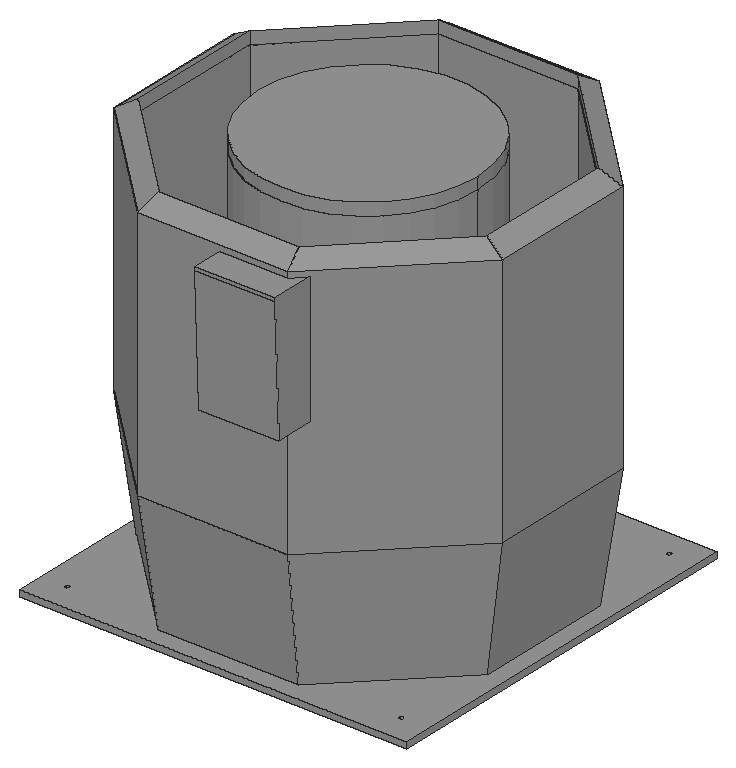
Revit family "ВКДВ_К2", category Оборудование, Revit 2021
Family settings
  Размер круглого соединителя = Использовать диаметр
  Классификация = Нет
  Тип детали = Нормальный
  На основе рабочей плоскости = Нет
  Всегда вертикально = Да
  При загрузке вырезать с полостями = Нет
  Общий = Нет
  Точка принадлежности помещению = Нет
Parameters (values of type "ВКДВ-К2-1000-8Д/7,5-K")
  ш1 = ш / 2  # 700 mm
  ш = 1400 mm
  Ш3 = 300 mm
  Ш2 = 280 mm
  Ш1 = Ш / 2  # 780 mm
  Ш = 1560 mm
  Отметка по умолчанию = 0 mm
  h1 = Ш3 + 50 mm  # 350 mm
  h2 = Ш / 3  # 520 mm
  Вес = "557 кг"
  h = H / 3  # 531.667 mm
  Voltage = 400 V
  R = 440 mm
  Power = 7500 VA
  Number of Fase = 3
  Maximum Air Flow = 10800.0 L/s
  Maintenance zone material = none
  Load Classification = "HVAC"
  H = 1595 mm
  Grid Material = Условный материал-отделка
  Casing Material = Металл, окрашенный, синий, матовый RAL 5007
  C = 1686 mm
  B = 1340 mm
  Air Flow [instance] = 0.0 L/s
  A = 1550 mm
  09_System_Name [instance] = ""
  09_Pressure_Static_Air [instance] = 0.0 L/s
  00_20_Type = "ВКДВ-К2-1000-8Д/7,5-K"
  00_20_Name = "Даховий вентилятор димовидалення"
  00_20_Manufacturer = "Вентс"  # constant formula
Types (37, lengths in mm): name | ш1 | ш | Ш3 | Ш2 | Ш1 | Ш | h1 | h2 | Вес | h | R | Power | Maximum Air Flow | H | Casing Material | C | B | A | 00_20_Type
  (no name) | 700 | 1400 | 300 | 280 | 780 | 1560 | 350 | 520 | "557 кг" | 531.667 | 440 | 7500 VA | 10800.0 L/s | 1595 | Металл, окрашенный, синий, матовый RAL 5007 | 1686 | 1340 | 1550 | "ВКДВ-К2-1000-8Д/7,5-K"
  ВКДВ-К2-710-4Д/11-K | 506 | 1012 | 195.5 | 173 | 572 | 1144 | 245.5 | 381.333 | "342 кг" | 421.333 | 440 | 11000 VA | 7800.0 L/s | 1264 | none | 1267 | 980 | 1180 | "ВКДВ-К2-710-4Д/11-K"
  ВКДВ-К2-800-6Д/4-K | 525.5 | 1051 | 243 | 216 | 604.5 | 1209 | 293 | 403 | "311 кг" | 412.333 | 440 | 4000 VA | 6950.0 L/s | 1237 | none | 1311 | 980 | 1180 | "ВКДВ-К2-800-6Д/4-K"
  ВКДВ-К2-1120-8Д/15-K | 775 | 1550 | 365 | 320 | 875 | 1750 | 415 | 583.333 | "911 кг" | 622 | 600 | 15000 VA | 17500.0 L/s | 1866 | none | 1876 | 1340 | 1640 | "ВКДВ-К2-1120-8Д/15-K"
  ВКДВ-К2-630-8Д/0,75-K | 460 | 920 | 215.391 | 190 | 490 | 980 | 265.391 | 326.667 | "200 кг" | 353.333 | 400 | 750 VA | 2500.0 L/s | 1060 | none | 1121 | 750 | 1010 | "ВКДВ-К2-630-8Д/0,75-K"
  ВКДВ-К2-630-4Д/5,5-K | 460 | 920 | 215.391 | 190 | 490 | 980 | 265.391 | 326.667 | "225 кг" | 353.333 | 400 | 5500 VA | 5200.0 L/s | 1060 | none | 1121 | 750 | 1010 | "ВКДВ-К2-630-4Д/5,5-K"
  ВКДВ-К2-710-8Д/1,1-K | 506 | 1012 | 236.5 | 209 | 572 | 1144 | 286.5 | 381.333 | "231 кг" | 368.333 | 440 | 1100 VA | 3600.0 L/s | 1105 | none | 1257 | 980 | 1180 | "ВКДВ-К2-710-8Д/1,1-K"
  ВКДВ-К2-710-6Д/2,2-K | 506 | 1012 | 236.5 | 209 | 572 | 1144 | 286.5 | 381.333 | "238 кг" | 368.333 | 440 | 2200 VA | 4800.0 L/s | 1105 | none | 1257 | 980 | 1180 | "ВКДВ-К2-710-6Д/2,2-K"
  ВКДВ-К2-800-8Д/2,2-K | 529 | 1058 | 248 | 218.5 | 598 | 1196 | 298 | 398.667 | "308 кг" | 412.333 | 440 | 2200 VA | 5300.0 L/s | 1237 | none | 1311 | 980 | 1180 | "ВКДВ-К2-800-8Д/2,2-K"
  ВКДВ-К2-800-4Д/15-K | 538.5 | 1077 | 252 | 222 | 608.5 | 1217 | 302 | 405.667 | "385 кг" | 462.333 | 440 | 15000 VA | 10800.0 L/s | 1387 | none | 1311 | 980 | 1180 | "ВКДВ-К2-800-4Д/15-K"
  ВКДВ-К2-900-10Д/2,2-K | 615 | 1230 | 320 | 300 | 696 | 1392 | 370 | 464 | "374 кг" | 432.333 | 440 | 2200 VA | 6250.0 L/s | 1297 | none | 1494 | 1050 | 1340 | "ВКДВ-К2-900-10Д/2,2-K"
  ВКДВ-К2-900-8Д/4-K | 600 | 1200 | 280 | 260 | 696 | 1392 | 330 | 464 | "435 кг" | 482.667 | 440 | 4000 VA | 7500.0 L/s | 1448 | none | 1494 | 1050 | 1340 | "ВКДВ-К2-900-8Д/4-K"
  ВКДВ-К2-900-6Д/7,5-K | 625 | 1250 | 300 | 280 | 696 | 1392 | 350 | 464 | "434 кг" | 482.667 | 440 | 7500 VA | 10500.0 L/s | 1448 | none | 1494 | 1050 | 1340 | "ВКДВ-К2-900-6Д/7,5-K"
  ВКДВ-К2-900-4Д/30-K | 640 | 1280 | 330 | 300 | 708 | 1416 | 380 | 472 | "597 кг" | 533.333 | 440 | 30000 VA | 15500.0 L/s | 1600 | none | 1524 | 1050 | 1340 | "ВКДВ-К2-900-4Д/30-K"
  ВКДВ-К2-1000-10Д/3-K | 670 | 1340 | 320 | 300 | 780.5 | 1561 | 370 | 520.333 | "573 кг" | 531.667 | 500 | 3000 VA | 9000.0 L/s | 1595 | Металл, окрашенный, синий, матовый RAL 5007 | 1686 | 1340 | 1550 | "ВКДВ-К2-1000-10Д/3-K"
  ВКДВ-К2-1000-8Д/7,5-K | 700 | 1400 | 300 | 280 | 780 | 1560 | 350 | 520 | "557 кг" | 531.667 | 440 | 7500 VA | 10800.0 L/s | 1595 | Металл, окрашенный, синий, матовый RAL 5007 | 1686 | 1340 | 1550 | "ВКДВ-К2-1000-8Д/7,5-K"
  ВКДВ-К2-1000-6Д/15-K | 700 | 1400 | 300 | 278 | 778 | 1556 | 350 | 518.667 | "608 кг" | 560 | 440 | 15000 VA | 15000.0 L/s | 1680 | Металл, окрашенный, синий, матовый RAL 5007 | 1686 | 1340 | 1550 | "ВКДВ-К2-1000-6Д/15-K"
  ВКДВ-К2-1120-10Д/7,5-K | 775 | 1550 | 365 | 320 | 875 | 1750 | 415 | 583.333 | "834 кг" | 609.667 | 600 | 7500 VA | 13800.0 L/s | 1829 | none | 1876 | 1340 | 1640 | "ВКДВ-К2-1120-10Д/7,5-K"
  ВКДВ-К2-1120-8Д/11-K | 775 | 1550 | 365 | 320 | 875 | 1750 | 415 | 583.333 | "834 кг" | 584.333 | 600 | 11000 VA | 15000.0 L/s | 1753 | none | 1876 | 1340 | 1640 | "ВКДВ-К2-1120-8Д/11-K"
  ВКДВ-К2-630-6Д/1,5-K | 460 | 920 | 215.391 | 190 | 490 | 980 | 265.391 | 326.667 | "202 кг" | 353.333 | 400 | 1500 VA | 3500.0 L/s | 1060 | none | 1121 | 750 | 1010 | "ВКДВ-К2-630-6Д/1,5-K"
  ВКДВ-К2-1120-6Д/22-K | 775 | 1550 | 365 | 320 | 875 | 1750 | 415 | 583.333 | "856 кг" | 596.333 | 600 | 22000 VA | 20800.0 L/s | 1789 | none | 1876 | 1340 | 1640 | "ВКДВ-К2-1120-6Д/22-K"
  ВКДВ-К2-1120-6Д/30-K | 775 | 1550 | 365 | 320 | 875 | 1750 | 415 | 583.333 | "962 кг" | 652 | 600 | 30000 VA | 23500.0 L/s | 1956 | none | 1876 | 1340 | 1640 | "ВКДВ-К2-1120-6Д/30-K"
  ВКДВ-К2-560-4Д/3-K | 460 | 920 | 215.391 | 190 | 490 | 980 | 265.391 | 326.667 | "163 кг" | 330.333 | 400 | 3000 VA | 3750.0 L/s | 991 | none | 1094 | 750 | 1000 | "ВКДВ-К2-560-4Д/3-K"
  ВКДВ-К2-560-6Д/0,75-K | 460 | 920 | 215.391 | 190 | 490 | 980 | 265.391 | 326.667 | "151 кг" | 307 | 400 | 750 VA | 2400.0 L/s | 921 | none | 1082 | 750 | 1000 | "ВКДВ-К2-560-6Д/0,75-K"
  ВКДВ-К2-560-8Д/0,37-K | 460 | 920 | 215.391 | 190 | 490 | 980 | 265.391 | 326.667 | "148 кг" | 307 | 440 | 370 VA | 1800.0 L/s | 921 | none | 1082 | 750 | 1000 | "ВКДВ-К2-560-8Д/0,37-K"
  ВКДВ-К2-500-4Д/1,5-K | 380 | 760 | 180 | 158 | 410 | 820 | 230 | 273.333 | "128 кг" | 296 | 330 | 1500 VA | 2700.0 L/s | 888 | none | 950 | 640 | 830 | "ВКДВ-К2-500-4Д/1,5-K"
  ВКДВ-К2-500-6Д/0,55-K | 380 | 760 | 180 | 158 | 410 | 820 | 230 | 273.333 | "122 кг" | 296 | 330 | 550 VA | 1100.0 L/s | 888 | none | 950 | 640 | 830 | "ВКДВ-К2-500-6Д/0,55-K"
  ВКДВ-К2-500-8Д/0,25-K | 380 | 760 | 180 | 158 | 410 | 820 | 230 | 273.333 | "121 кг" | 296 | 330 | 250 VA | 420.0 L/s | 888 | none | 950 | 640 | 830 | "ВКДВ-К2-500-8Д/0,25-K"
  ВКДВ-К2-450-2Д/7,5-K | 380 | 760 | 180 | 158 | 410 | 820 | 230 | 273.333 | "137 кг" | 309.667 | 330 | 7500 VA | 3800.0 L/s | 929 | none | 933 | 580 | 810 | "ВКДВ-К2-450-2Д/7,5-K"
  ВКДВ-К2-450-4Д/1,1-K | 345 | 690 | 163 | 143 | 372.5 | 745 | 213 | 248.333 | "96 кг" | 264.667 | 300 | 1100 VA | 1875.0 L/s | 794 | none | 864 | 580 | 760 | "ВКДВ-К2-450-4Д/1,1-K"
  ВКДВ-К2-450-6Д/0,25-K | 345 | 690 | 163 | 143 | 372.5 | 745 | 213 | 248.333 | "92 кг" | 264.667 | 300 | 250 VA | 1100.0 L/s | 794 | none | 864 | 580 | 760 | "ВКДВ-К2-450-6Д/0,25-K"
  ВКДВ-К2-400-2Д/4-K | 362 | 724 | 171 | 150 | 391 | 782 | 221 | 260.667 | "112 кг" | 299 | 300 | 4000 VA | 2600.0 L/s | 897 | none | 880 | 580 | 760 | "ВКДВ-К2-400-2Д/4-K"
  ВКДВ-К2-400-4Д/0,55-K | 345 | 690 | 163 | 143 | 372.5 | 745 | 213 | 248.333 | "83 кг" | 257.333 | 300 | 550 VA | 1250.0 L/s | 772 | Металл, окрашенный, синий, матовый RAL 5007 | 866 | 580 | 760 | "ВКДВ-К2-400-4Д/0,55-K"
  ВКДВ-К2-400-6Д/0,25-K | 345 | 690 | 163 | 143 | 372.5 | 745 | 213 | 248.333 | "82 кг" | 257.333 | 300 | 250 VA | 800.0 L/s | 772 | none | 866 | 580 | 760 | "ВКДВ-К2-400-6Д/0,25-K"
  ВКДВ-К2-355-2Д/2,2-K | 280 | 560 | 132 | 116 | 300 | 600 | 182 | 200 | "89 кг" | 267 | 244 | 2200 VA | 1875.0 L/s | 801 | none | 820 | 480 | 680 | "ВКДВ-К2-355-2Д/2,2-K"
  ВКДВ-К2-355-4Д/0,25-K | 336 | 672 | 158 | 139 | 360 | 720 | 208 | 240 | "73 кг" | 248 | 244 | 250 VA | 880.0 L/s | 744 | none | 820 | 480 | 680 | "ВКДВ-К2-355-4Д/0,25-K"
  ВКДВ-К2-315-2Д/1,1-K | 336 | 672 | 158 | 139 | 360 | 720 | 208 | 240 | "80 кг" | 259.667 | 244 | 1100 VA | 1300.0 L/s | 779 | none | 820 | 480 | 680 | "ВКДВ-К2-315-2Д/1,1-K"
Reference planes
  plane 1 "По центру (Вперед/Назад)": y = 0
  plane 2: z = 0
  plane 3 "По центру (Влево/Вправо)": x = 0
  plane 4: z = 1595
  plane 5: y = -906
  plane 6: y = 780
  plane 7: x = 526.611
  plane 8: x = -526.611
  plane 9: z = 1545
  plane 10: x = -670
  plane 11: x = 670
  plane 12: y = 670
  plane 13: y = -670
  plane 14: z = 531.667
Forms (mm)
  Extrusion 1, solid, material "Металл, окрашенный, синий, матовый RAL 5007"
    sketch origin (-227.127, 285.75, 0) x (1, 0, 0) y (0, 1, 0)
      loop
        line (-547.873, 489.25) -> (-547.873, -1060.75) -> (1002.127, -1060.75) -> (1002.127, 489.25) -> (-547.873, 489.25)
    from 0 to 25
  Extrusion 2, void
    sketch origin (0, 0, 0) x (1, 0, 0) y (0, 1, 0)
      loop
        circle (-670, 670) r 8
      loop
        circle (670, 670) r 8
      loop
        circle (-670, -670) r 8
      loop
        circle (670, -670) r 8
    from 0 to 25
  Extrusion 3, solid, material "Металл, окрашенный, синий, матовый RAL 5007"
    sketch origin (0, 67, 0) x (0, 1, 0) y (0, 0, 1)
      loop
        line (-767, 1524.639) -> (-973, 1524.639) -> (-973, 1509.639) -> (-955.109, 1004.639) -> (-767, 1004.639) -> (-767, 1524.639)
    from 350 <- "h1" to 30
  Blend 4, solid, material "Металл, окрашенный, синий, матовый RAL 5007"
    base sketch origin (0, 0, 0) x (1, 0, 0) y (0, 1, 0)
      loop
        line (700, 280) -> (280, 700) -> (-280, 700) -> (-700, 280) -> (-700, -280) -> (-280, -700) -> (280, -700) -> (700, -280) -> (700, 280)
    top sketch origin (0, 0, 0) x (1, 0, 0) y (0, 1, 0)
      loop
        line (780, 300) -> (300, 780) -> (-300, 780) -> (-780, 300) -> (-780, -300) -> (-300, -780) -> (300, -780) -> (780, -300) -> (780, 300)
    from 0 to 531.667
  Extrusion 5, solid, material "Металл, окрашенный, синий, матовый RAL 5007"
    sketch origin (0, 0, 0) x (1, 0, 0) y (0, 1, 0)
      loop
        line (780, 300) -> (300, 780) -> (-300, 780) -> (-780, 300) -> (-780, -300) -> (-300, -780) -> (300, -780) -> (780, -300) -> (780, 300)
    from 531.667 to 1545
  Blend 6, solid, material "Металл, окрашенный, синий, матовый RAL 5007"
    base sketch origin (0, 0, 0) x (1, 0, 0) y (0, 1, 0)
      loop
        line (780, 300) -> (300, 780) -> (-300, 780) -> (-780, 300) -> (-780, -300) -> (-300, -780) -> (300, -780) -> (780, -300) -> (780, 300)
    top sketch origin (0, 0, 0) x (1, 0, 0) y (0, 1, 0)
      loop
        line (700, 280) -> (280, 700) -> (-280, 700) -> (-700, 280) -> (-700, -280) -> (-280, -700) -> (280, -700) -> (700, -280) -> (700, 280)
    from 1545 to 1595
  Extrusion 7, void
    sketch origin (0, 0, 0) x (1, 0, 0) y (0, 1, 0)
      loop
        line (700, 280) -> (280, 700) -> (-280, 700) -> (-700, 280) -> (-700, -280) -> (-280, -700) -> (280, -700) -> (700, -280) -> (700, 280)
      loop
        circle (0, 0) r 440
    from 1994.336 to 25
Cuts and joins
  Extrusion 7 cuts Blend 4
  Extrusion 7 cuts Extrusion 5
  Extrusion 7 cuts Blend 6
  Extrusion 2 cuts Extrusion 1
Dimensions and locks
  Extrusion 1 sketch curve to Extrusion 1 sketch curve = 1550 mm  (x2)
  "A": Extrusion 1 to Extrusion 1  (x2)
  equal spacing: Extrusion 1 sketch curve, plane 1 "По центру (Вперед/Назад)", Extrusion 1 sketch curve
  equal spacing: Extrusion 1 sketch curve, plane 3 "По центру (Влево/Вправо)", Extrusion 1 sketch curve
  "H": level to plane 4
  plane 5 to plane 1 "По центру (Вперед/Назад)" = 906 mm
  "Ш1": plane 6 to plane 1 "По центру (Вперед/Назад)"
  "C": plane 6 to plane 5
  equal spacing: Blend 4 sketch curve, plane 3 "По центру (Влево/Вправо)", Blend 4 sketch curve  (x2)
  "ш": Blend 4 sketch curve to Blend 4 sketch curve  (x2)
  equal spacing: Blend 4 sketch curve, plane 1 "По центру (Вперед/Назад)", Blend 4 sketch curve  (x2)
  "Ш": Blend 4 sketch curve to Blend 4 sketch curve  (x2)
  equal spacing: Extrusion 5 sketch curve, plane 1 "По центру (Вперед/Назад)", Extrusion 5 sketch curve
  "Ш": Extrusion 5 sketch curve to Extrusion 5 sketch curve  (x2)
  equal spacing: Extrusion 5 sketch curve, plane 3 "По центру (Влево/Вправо)", Extrusion 5 sketch curve
  Extrusion 5 to Extrusion 5 = 1560 mm
  equal spacing: Extrusion 5, plane 3 "По центру (Влево/Вправо)", Extrusion 5
  equal spacing: Blend 6 sketch curve, plane 3 "По центру (Влево/Вправо)", Blend 6 sketch curve  (x2)
  "ш": Blend 6 sketch curve to Blend 6 sketch curve  (x2)
  equal spacing: Blend 6 sketch curve, plane 1 "По центру (Вперед/Назад)", Blend 6 sketch curve  (x2)
  Blend 6 to Blend 6 = 50 mm
  "Ш": Extrusion 5 to Extrusion 5
  equal spacing: Extrusion 5, plane 1 "По центру (Вперед/Назад)", Extrusion 5
  "Ш": Blend 6 sketch curve to Blend 6 sketch curve  (x2)
  equal spacing: Extrusion 7 sketch curve, plane 1 "По центру (Вперед/Назад)", Extrusion 7 sketch curve
  "ш": Extrusion 7 sketch curve to Extrusion 7 sketch curve  (x2)
  equal spacing: Extrusion 7 sketch curve, plane 3 "По центру (Влево/Вправо)", Extrusion 7 sketch curve
  locked: plane 9 to plane 4 at 50
  "ш1": plane 1 "По центру (Вперед/Назад)" to Extrusion 3 sketch curve
  "Ш2": Blend 4 sketch curve to plane 3 "По центру (Влево/Вправо)" to Blend 4 sketch curve  (x2)
  "Ш2": Blend 4 sketch curve to plane 1 "По центру (Вперед/Назад)" to Blend 4 sketch curve  (x2)
  "Ш3": Blend 4 sketch curve to plane 3 "По центру (Влево/Вправо)" to Blend 4 sketch curve  (x2)
  "Ш3": Blend 4 sketch curve to plane 1 "По центру (Вперед/Назад)" to Blend 4 sketch curve  (x2)
  "Ш3": Extrusion 5 sketch curve to plane 3 "По центру (Влево/Вправо)" to Extrusion 5 sketch curve  (x2)
  "Ш3": Extrusion 5 sketch curve to plane 1 "По центру (Вперед/Назад)" to Extrusion 5 sketch curve  (x2)
  "Ш3": Blend 6 sketch curve to plane 3 "По центру (Влево/Вправо)" to Blend 6 sketch curve  (x2)
  "Ш3": Blend 6 sketch curve to plane 1 "По центру (Вперед/Назад)" to Blend 6 sketch curve  (x2)
  "Ш2": Blend 6 sketch curve to plane 3 "По центру (Влево/Вправо)" to Blend 6 sketch curve  (x2)
  "Ш2": Blend 6 sketch curve to plane 1 "По центру (Вперед/Назад)" to Blend 6 sketch curve  (x2)
  "Ш2": Extrusion 7 sketch curve to plane 3 "По центру (Влево/Вправо)" to Extrusion 7 sketch curve  (x2)
  "Ш2": Extrusion 7 sketch curve to plane 1 "По центру (Вперед/Назад)" to Extrusion 7 sketch curve  (x2)
  equal spacing: plane 10, plane 3 "По центру (Влево/Вправо)", plane 11
  "B": plane 10 to plane 11
  equal spacing: plane 12, plane 1 "По центру (Вперед/Назад)", plane 13
  "B": plane 12 to plane 13
  "h": plane 14 to level
  "h2": Extrusion 3 sketch curve to Extrusion 3 sketch curve
  locked: plane 4 to Extrusion 3 sketch curve at 70.361
  "R": radius of Extrusion 7 sketch curve
  aligned and locked: level to plane 2
  aligned and locked: plane 5 to Extrusion 3
  aligned and locked: Blend 6 to Extrusion 5
  aligned and locked: plane 4 to Blend 6
  aligned and locked: plane 9 to Extrusion 5
  aligned and locked: cut or joined group of Blend 4, Extrusion 7 to cut or joined group of Extrusion 1, Extrusion 2
  aligned and locked: Extrusion 5 to cut or joined group of Blend 4, Extrusion 7
  aligned and locked: plane 14 to Blend 4
Automatic sketch dimensions
  Extrusion 1 sketch curve to plane 8 = 248.389 mm
  Extrusion 2 sketch curve to plane 10 = 0 mm  (x2)
  Extrusion 2 sketch curve to plane 11 = 0 mm  (x2)
  Extrusion 2 sketch curve to plane 13 = 0 mm  (x2)
  Extrusion 2 sketch curve to plane 12 = 0 mm  (x2)
  Extrusion 3 sketch curve to plane 5 = 0 mm
  Extrusion 3 sketch curve to plane 5 = 17.891 mm
  Extrusion 3 sketch curve to Extrusion 3 sketch curve = 15 mm
  plane 1 "По центру (Вперед/Назад)" to Extrusion 7 sketch curve = 0 mm
  Extrusion 7 sketch curve to plane 3 "По центру (Влево/Вправо)" = 0 mm
  radius of Extrusion 2 sketch curve = 8 mm  (x4)
